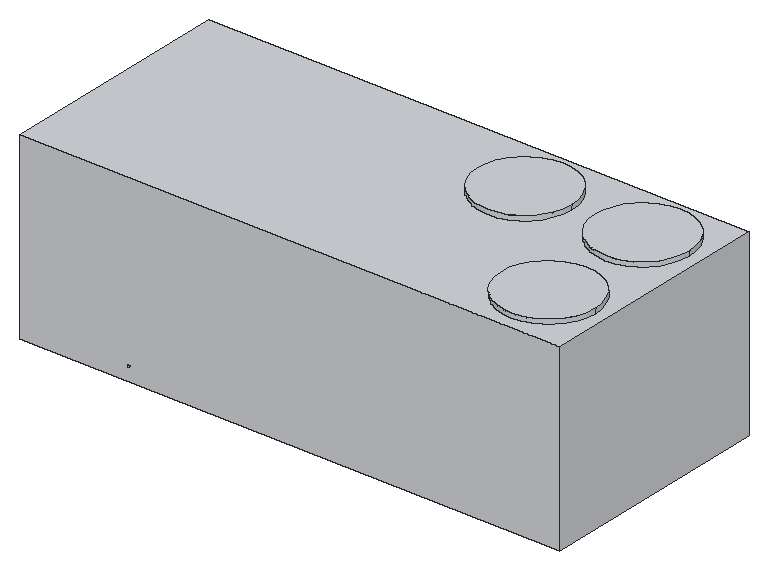
Revit family "65f39e1f0f2647c9ad1a80e2877c8c62", category Mechanical Equipment, Revit 2021
Family settings
  Round Connector Dimension = Use Radius
  Part Type = Normal
  OmniClass Number = 23.75.10.24.21.27.14
  OmniClass Title = Packaged Rooftop Air Conditioning Units
  Seek Item ID = Rooftop AC Units - Electric - 27.5-50 Tons-0000-USA-ENU
  Work Plane-Based = No
  Always vertical = Yes
  Cut with Voids When Loaded = No
  Shared = No
  Room Calculation Point = No
Parameters (values of type "27.5 Tons")
  Voltage = 480 V
  Visibility 2 = no
  Visibility 1 = yes
  Unit Width = 7' - 6 5/8"
  Unit Material = none
  Unit Length = 17' - 4 1/16"
  Unit Height = 5' - 10 7/16"
  Supply Air Outlet Width = 54 1/8"
  Supply Air Outlet Height = 70 15/16"
  Return Air Inlet Width = 23 1/2"
  Return Air Inlet Height = 75 13/16"
  Number of Poles = 3
  Load Classification = Cooling
  Length 2 = 0.5 * Unit Width  # 3' - 9 5/16"
  Length 1 = 0.25 * Unit Width  # 1' - 10 21/32"
  Heating Input = 123000.0 Btu/h
  Fan Radius = Unit Width * 0.2  # 1' - 6 1/8"
  Drain Radius = Drain Diameter / 2  # 5/8"
  Drain Flow [instance] = 0 GPM
  Drain Diameter = 1 1/4"
  Distance = 4' - 3 1/2"
  Default Elevation = 0' - 0"
  C3 Offset 2 = 0' - 5 3/8"
  C3 Offset 1 = 3' - 6"
  Apparent Load = 20820.8 VA
  Air Pressure Drop [instance] = 1.25 in-wg
  Air Flow [instance] = 12000 CFM
Types (6): name | Visibility 2 | Visibility 1 | Unit Length | Unit Height | Heating Input | Distance | C3 Offset 2 | C3 Offset 1 | Apparent Load | Air Pressure Drop | Air Flow
  (no name) | no | yes | 17' - 4 1/16" | 5' - 10 7/16" | 123000.0 Btu/h | 4' - 3 1/2" | 0' - 5 3/8" | 3' - 6" | 20820.8 VA | 1.25 in-wg | 12000 CFM
  27.5 Tons | no | yes | 17' - 4 1/16" | 5' - 10 7/16" | 123000.0 Btu/h | 4' - 3 1/2" | 0' - 5 3/8" | 3' - 6" | 20820.8 VA | 1.25 in-wg | 12000 CFM
  30 Tons | no | yes | 17' - 4 1/16" | 5' - 10 7/16" | 184000.0 Btu/h | 4' - 3 1/2" | 0' - 5 3/8" | 3' - 6" | 25334.4 VA | 1.50 in-wg | 13000 CFM
  35 Tons | no | yes | 17' - 4 1/16" | 5' - 10 7/16" | 246000.0 Btu/h | 4' - 3 1/2" | 0' - 5 3/8" | 3' - 6" | 31096 VA | 1.75 in-wg | 14500 CFM
  40 Tons | yes | no | 19' - 4 3/8" | 6' - 5" | 307000.0 Btu/h | 4' - 5 9/16" | 0' - 5 5/16" | 4' - 1 9/16" | 36337.6 VA | 2.00 in-wg | 17000 CFM
  50 Tons | yes | no | 19' - 4 3/8" | 6' - 5" | 369000.0 Btu/h | 4' - 5 9/16" | 0' - 5 5/16" | 4' - 1 9/16" | 42120 VA | 2.25 in-wg | 20000 CFM
Reference planes (in)
  plane 1 "Center (Front/Back)": y = 0
  plane 2: z = 0
  plane 3 "Center (Left/Right)": x = 0
  plane 4: y = 90.625
  plane 5: x = 208.0625
  plane 6: z = 70.4375
  plane 7: y = 83.5625
  plane 8: y = 7.75
  plane 9: x = 7.125
  plane 10: x = 30.625
  plane 11: x = 82.125
  plane 12: x = 136.25
  plane 13: y = 12.625
  plane 14: z = 1
  plane 15: x = 185.40625
  plane 16: x = 140.09375
  plane 17: y = 45.3125
  plane 18: y = 67.96875
  plane 19: y = 22.65625
  plane 20: z = 72.1875
  plane 21: z = 5.375
  plane 22: x = 42
  plane 23: y = 0.5
  plane 24: y = 5
  plane 25: z = 10
  plane 26: x = 207.0625
Forms (in)
  Extrusion 1, solid, material <- "Unit Material"
    sketch origin (0, 0, 0) x (1, 0, 0) y (0, 1, 0)
      loop
        line (0, 90.625) -> (0, 0) -> (208.0625, 0) -> (208.0625, 90.625) -> (0, 90.625)
    from 0 to 70.4375
  Extrusion 2, void
    sketch origin (0, 0, 0) x (1, 0, 0) y (0, 1, 0)
      loop
        line (82.125, 83.5625) -> (82.125, 12.625) -> (136.25, 12.625) -> (136.25, 83.5625) -> (82.125, 83.5625)
    from 0 to 1
  Extrusion 3, void
    sketch origin (0, 0, 0) x (1, 0, 0) y (0, 1, 0)
      loop
        line (7.125, 83.5625) -> (7.125, 7.75) -> (30.625, 7.75) -> (30.625, 83.5625) -> (7.125, 83.5625)
    from 0 to 1
  Extrusion 4, solid, material <- "Unit Material"
    sketch origin (0, 0, 0) x (1, 0, 0) y (0, 1, 0)
      loop
        circle (185.40625, 67.96875) r 18.125
    from 70.4375 to 72.1875
  Extrusion 5, solid, material <- "Unit Material"
    sketch origin (0, 0, 0) x (1, 0, 0) y (0, 1, 0)
      loop
        circle (140.09375, 67.96875) r 18.125
    from 70.4375 to 72.1875
  Extrusion 6, solid, material <- "Unit Material"
    sketch origin (0, 0, 0) x (1, 0, 0) y (0, 1, 0)
      loop
        circle (185.40625, 22.65625) r 18.125
    from 70.4375 to 72.1875
  Extrusion 7, solid, material <- "Unit Material", visible <- "Visibility 2"
    sketch origin (0, 0, 0) x (1, 0, 0) y (0, 1, 0)
      loop
        circle (140.09375, 22.65625) r 18.125
    from 70.4375 to 72.1875
  Extrusion 8, void
    sketch origin (0, 0, 0) x (1, 0, 0) y (0, 0, 1)
      loop
        circle (42, 5.375) r 0.625
    from -0.5 to 0
  Extrusion 9, solid, material <- "Unit Material"
    sketch origin (0, 0, 0) x (0, 1, 0) y (0, 0, 1)
      loop
        circle (5, 10) r 1
    from 208.0625 to 207.0625
Cuts and joins
  Extrusion 2, Extrusion 3, Extrusion 8 cuts Extrusion 1
  joined: Extrusion 1, Extrusion 9
Dimensions and locks (in)
  "Unit Length": plane 3 "Center (Left/Right)" to plane 5
  "Unit Width": plane 4 to plane 1 "Center (Front/Back)"
  "Unit Height": plane 6 to level
  locked: plane 4 to plane 7 at 7.0625
  "Return Air Inlet Height": plane 7 to plane 8
  locked: plane 3 "Center (Left/Right)" to plane 9 at 7.125
  "Return Air Inlet Width": plane 9 to plane 10
  "Distance": plane 10 to plane 11
  "Supply Air Outlet Width": plane 11 to plane 12
  "Supply Air Outlet Height": plane 7 to plane 13
  locked: plane 14 to level at 1
  "Length 1": plane 15 to plane 5
  "Length 2": plane 16 to plane 15
  equal spacing: plane 4, plane 18, plane 17, plane 19, plane 1 "Center (Front/Back)"
  locked: plane 20 to plane 6 at 1.75
  "C3 Offset 1": plane 22 to plane 3 "Center (Left/Right)"
  "C3 Offset 2": plane 21 to level
  locked: plane 23 to plane 1 "Center (Front/Back)" at 0.5
  locked: plane 25 to level at 10
  locked: plane 1 "Center (Front/Back)" to plane 24 at 5
  locked: plane 26 to plane 5 at 1
  "Fan Radius": radius of Extrusion 4 sketch curve
  "Fan Radius": radius of Extrusion 5 sketch curve
  "Fan Radius": radius of Extrusion 6 sketch curve
  "Fan Radius": radius of Extrusion 7 sketch curve
  "Drain Radius": radius of Extrusion 8 sketch curve
  aligned and locked: plane 3 "Center (Left/Right)" to Extrusion 1 sketch curve
  aligned and locked: Extrusion 1 sketch curve to plane 4
  aligned and locked: plane 1 "Center (Front/Back)" to Extrusion 1 sketch curve
  aligned and locked: Extrusion 1 sketch curve to plane 5
  aligned and locked: plane 6 to Extrusion 1
  aligned and locked: Extrusion 1 to plane 2
  aligned and locked: plane 11 to Extrusion 2 sketch curve
  aligned and locked: Extrusion 2 sketch curve to plane 7
  aligned and locked: plane 13 to Extrusion 2 sketch curve
  aligned and locked: Extrusion 2 sketch curve to plane 12
  aligned and locked: plane 14 to cut or joined group of Extrusion 1, Extrusion 2, Extrusion 3, Extrusion 8, Extrusion 9  (x2)
  aligned and locked: plane 2 to cut or joined group of Extrusion 1, Extrusion 2, Extrusion 3, Extrusion 8, Extrusion 9  (x2)
  aligned and locked: plane 9 to Extrusion 3 sketch curve
  aligned and locked: Extrusion 3 sketch curve to plane 7
  aligned and locked: plane 8 to Extrusion 3 sketch curve
  aligned and locked: Extrusion 3 sketch curve to plane 10
  aligned and locked: plane 15 to Extrusion 4 sketch curve
  aligned and locked: plane 16 to Extrusion 5 sketch curve
  aligned and locked: plane 15 to Extrusion 6 sketch curve
  aligned and locked: plane 18 to Extrusion 4 sketch curve
  aligned and locked: plane 19 to Extrusion 6 sketch curve
  aligned and locked: plane 18 to Extrusion 5 sketch curve
  aligned and locked: plane 19 to Extrusion 7 sketch curve
  aligned and locked: plane 16 to Extrusion 7 sketch curve
  aligned and locked: plane 20 to Extrusion 6
  aligned and locked: plane 20 to Extrusion 7
  aligned and locked: plane 20 to Extrusion 5
  aligned and locked: plane 20 to Extrusion 4
  aligned and locked: Extrusion 6 to plane 6
  aligned and locked: Extrusion 4 to plane 6
  aligned and locked: Extrusion 7 to plane 6
  aligned and locked: Extrusion 5 to plane 6
  aligned and locked: plane 21 to Extrusion 8 sketch curve
  aligned and locked: plane 22 to Extrusion 8 sketch curve
  aligned and locked: Extrusion 8 to plane 23
  aligned and locked: plane 25 to Extrusion 9 sketch curve
  aligned and locked: plane 24 to Extrusion 9 sketch curve
  aligned and locked: plane 5 to Extrusion 9
  aligned and locked: plane 26 to Extrusion 9
  aligned and locked: Extrusion 3 to level
  aligned and locked: level to Extrusion 2
Automatic sketch dimensions
  radius of Extrusion 9 sketch curve = 0' - 1"
Connectors (in)
  hvac at (109.1875, 48.09375, 0), driven by "Air Flow", driven by "Supply Air Outlet Height", driven by "Supply Air Outlet Width"
    settings: on cut or joined group of Extrusion 1, Extrusion 2, Extrusion 3, Extrusion 8, Extrusion 9, index 1, duct flow 12000 CFM, flow factor 0, pres drop 0.00 in-wg, loss coef 0, conn angle 0.00°, conn width 54 1/8", conn height 70 15/16", conn diameter 24", duct sys type 1, conn prof type 1, flow config 0, flow direction 2, loss method 0, conn ref index 2, conn util no, is conn primary yes, conn desc ""
  hvac at (18.875, 45.65625, 0), driven by "Air Flow", driven by "Return Air Inlet Height", driven by "Return Air Inlet Width"
    settings: on cut or joined group of Extrusion 1, Extrusion 2, Extrusion 3, Extrusion 8, Extrusion 9, index 2, duct flow 12000 CFM, flow factor 0, pres drop 0.00 in-wg, loss coef 0, conn angle 0.00°, conn width 23 1/2", conn height 75 13/16", conn diameter 24", duct sys type 2, conn prof type 1, flow config 0, flow direction 1, loss method 0, conn ref index 1, conn util no, is conn primary no, conn desc ""
  piping at (42, 0, 5.375), diameter 1.25, driven by "Drain Flow", driven by "Drain Radius"
    settings: on cut or joined group of Extrusion 1, Extrusion 2, Extrusion 3, Extrusion 8, Extrusion 9, index 3, connector inside diameter 1 1/4", connector length 0' - 0", flow factor 0, pipe flow 0 GPM, pressure drop 0.00 psi, fitting loss kfactor 0, connector angle 0.00°, fixture units 0, engagement length 0' - 0", angle of deflection 0.00°, flow configuration 1, flow direction 2, fitting loss method 0, system type 16, joint type 0, gender type 0, connector reference index -1, connector utility 0, adjustable connector yes, is connector primary yes, connector description "Drain Out"
  electrical at (208.0625, 5, 10), driven by "Apparent Load", driven by "Voltage", driven by "Number of Poles", driven by "Load Classification"
    settings: on Extrusion 9, index 4, voltage 480 V, apparent load 20820.8 VA, apparent load phase1 0 VA, apparent load phase2 0 VA, apparent load phase3 0 VA, power factor 0.8, load classification "Cooling", number of poles 3, system type 30, power factor state 1, is connector primary yes, connector utility no, sub classification motor no, connector description ""
